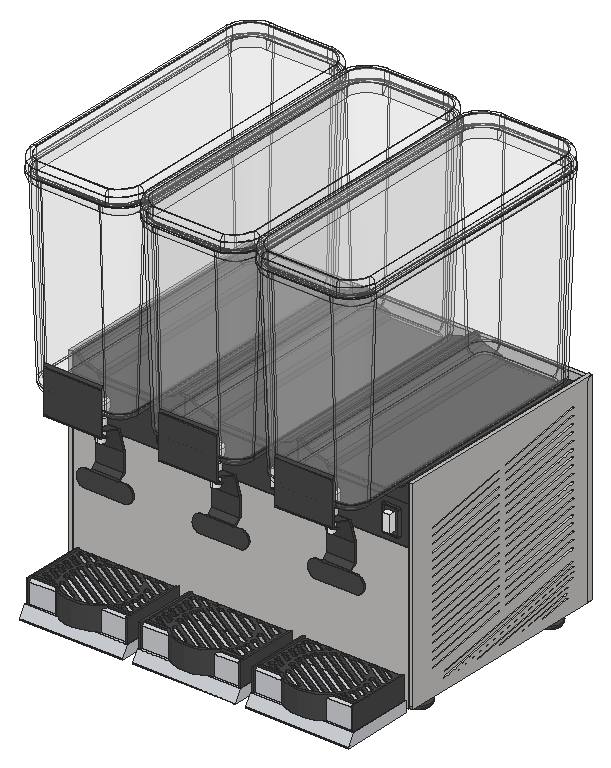
Revit family "QF_Vollrath-VBBE3-37T", category Specialty Equipment, Revit 2018 (continued)
Forms (in)
  Extrusion 6, solid, material "QF_Finishes-Stainless"
    sketch origin (0, 0, 0) x (1, 0, 0) y (0, 0, 1)
      loop
        arc (16.7288, 10.46549) -> (16.69578, 10.48089) -> (16.65974, 10.48617) r 0.12567
        line (16.65974, 10.48617) -> (11.72005, 10.48617)
        arc (11.72005, 10.48617) -> (11.684, 10.48089) -> (11.65098, 10.46549) r 0.12567
        line (11.65098, 10.46549) -> (11.53237, 10.36239) -> (11.53237, 10.31465)
      loop
        line (11.53237, 10.68867) -> (16.84741, 10.68867) -> (16.84741, 10.7364) -> (16.7288, 10.83951)
        arc (16.7288, 10.83951) -> (16.69578, 10.85491) -> (16.65974, 10.86019) r 0.12567
        line (16.65974, 10.86019) -> (11.72005, 10.86019)
        arc (11.72005, 10.86019) -> (11.684, 10.85491) -> (11.65098, 10.83951) r 0.12567
        line (11.65098, 10.83951) -> (11.53237, 10.7364) -> (11.53237, 10.68867)
      loop
        line (11.53237, 11.06268) -> (16.84741, 11.06268) -> (16.84741, 11.11042) -> (16.7288, 11.21352)
        arc (16.7288, 11.21352) -> (16.69578, 11.22892) -> (16.65974, 11.2342) r 0.12567
        line (16.65974, 11.2342) -> (11.72005, 11.2342)
        arc (11.72005, 11.2342) -> (11.684, 11.22892) -> (11.65098, 11.21352) r 0.12567
        line (11.65098, 11.21352) -> (11.53237, 11.11042) -> (11.53237, 11.06268)
      loop
        line (11.53237, 11.4367) -> (16.84741, 11.4367) -> (16.84741, 11.48443) -> (16.7288, 11.58754)
        arc (16.7288, 11.58754) -> (16.69578, 11.60294) -> (16.65974, 11.60822) r 0.12567
        line (16.65974, 11.60822) -> (11.72005, 11.60822)
        arc (11.72005, 11.60822) -> (11.684, 11.60294) -> (11.65098, 11.58754) r 0.12567
        line (11.65098, 11.58754) -> (11.53237, 11.48443) -> (11.53237, 11.4367)
      loop
        line (11.53237, 11.81072) -> (16.84741, 11.81072) -> (16.84741, 11.85845) -> (16.7288, 11.96156)
        arc (16.7288, 11.96156) -> (16.69578, 11.97695) -> (16.65974, 11.98223) r 0.12567
        line (16.65974, 11.98223) -> (11.72005, 11.98223)
        arc (11.72005, 11.98223) -> (11.684, 11.97695) -> (11.65098, 11.96156) r 0.12567
        line (11.65098, 11.96156) -> (11.53237, 11.85845) -> (11.53237, 11.81072)
      loop
        line (11.53237, 12.18473) -> (16.84733, 12.18473) -> (16.84733, 12.23247) -> (16.72872, 12.33557)
        arc (16.72872, 12.33557) -> (16.6957, 12.35097) -> (16.65966, 12.35625) r 0.12567
        line (16.65966, 12.35625) -> (11.72005, 12.35625)
        arc (11.72005, 12.35625) -> (11.684, 12.35097) -> (11.65098, 12.33557) r 0.12567
        line (11.65098, 12.33557) -> (11.53237, 12.23247) -> (11.53237, 12.18473)
    from -10.7576 to -10.47957
  Revolve 7, solid, material "QF_Finishes-Black Plastic"
    sketch origin (-2.65829, 2.28125, 0) x (0, 1, 0) y (0, 0, 1)
      loop
        line (6.4307, 0.71878) -> (5.9307, 0.71878) -> (5.90967, 0.3175)
        arc (5.90967, 0.3175) -> (5.90114, 0.28329) -> (5.88042, 0.25477) r 0.09238
        line (5.88042, 0.25477) -> (5.63639, 0.15617) -> (5.65129, 0.03478)
        arc (5.65129, 0.03478) -> (5.66148, 0.01019) -> (5.68607, 0) r 0.03478
        line (5.68607, 0) -> (6.4307, 0) -> (6.4307, 0.71878)
      axis (6.4307, 0) -> (6.4307, 0.71878)
    angle from 0 to 360
  Revolve 8, solid, material "QF_Finishes-Black Plastic"
    sketch origin (-2.65829, -7.91744, 0) x (0, 1, 0) y (0, 0, 1)
      loop
        line (6.4307, 0.71878) -> (5.9307, 0.71878) -> (5.90967, 0.3175)
        arc (5.90967, 0.3175) -> (5.90114, 0.28329) -> (5.88042, 0.25477) r 0.09238
        line (5.88042, 0.25477) -> (5.63639, 0.15617) -> (5.65129, 0.03478)
        arc (5.65129, 0.03478) -> (5.66148, 0.01019) -> (5.68607, 0) r 0.03478
        line (5.68607, 0) -> (6.4307, 0) -> (6.4307, 0.71878)
      axis (6.4307, 0) -> (6.4307, 0.71878)
    angle from 0 to 360
  Revolve 9, solid, material "QF_Finishes-Black Plastic"
    sketch origin (16.73684, 2.28125, 0) x (0, 1, 0) y (0, 0, 1)
      loop
        line (6.4307, 0.71878) -> (5.9307, 0.71878) -> (5.90967, 0.3175)
        arc (5.90967, 0.3175) -> (5.90114, 0.28329) -> (5.88042, 0.25477) r 0.09238
        line (5.88042, 0.25477) -> (5.63639, 0.15617) -> (5.65129, 0.03478)
        arc (5.65129, 0.03478) -> (5.66148, 0.01019) -> (5.68607, 0) r 0.03478
        line (5.68607, 0) -> (6.4307, 0) -> (6.4307, 0.71878)
      axis (6.4307, 0) -> (6.4307, 0.71878)
    angle from 0 to 360
  Revolve 10, solid, material "QF_Finishes-Black Plastic"
    sketch origin (16.73684, -7.91744, 0) x (0, 1, 0) y (0, 0, 1)
      loop
        line (6.4307, 0.71878) -> (5.9307, 0.71878) -> (5.90967, 0.3175)
        arc (5.90967, 0.3175) -> (5.90114, 0.28329) -> (5.88042, 0.25477) r 0.09238
        line (5.88042, 0.25477) -> (5.63639, 0.15617) -> (5.65129, 0.03478)
        arc (5.65129, 0.03478) -> (5.66148, 0.01019) -> (5.68607, 0) r 0.03478
        line (5.68607, 0) -> (6.4307, 0) -> (6.4307, 0.71878)
      axis (6.4307, 0) -> (6.4307, 0.71878)
    angle from 0 to 360
  Extrusion 11, solid, material "QF_Finishes-Black Plastic"
    sketch origin (0, 0, 0) x (1, 0, 0) y (0, 1, 0)
      loop
        line (3.18945, -3.12402) -> (-3.14914, -3.12402) -> (-3.14914, -7.27756) -> (-3.05071, -7.27756) -> (-3.05071, -6.9626) -> (-1.68325, -6.9626)
        arc (-1.68325, -6.9626) -> (-1.65302, -6.96863) -> (-1.62741, -6.98581) r 0.07879
        arc (-1.62741, -6.98581) -> (0.01907, -7.67007) -> (1.66554, -6.98581) r 2.323
        arc (1.66554, -6.98581) -> (1.69232, -6.96862) -> (1.72357, -6.9626) r 0.08414
        line (1.72357, -6.9626) -> (3.09102, -6.9626) -> (3.09102, -7.27756) -> (3.18945, -7.27756) -> (3.18945, -3.12402)
      loop
        line (-3.05071, -3.19488) -> (-3.05071, -6.8248) -> (-1.68325, -6.8248)
        arc (-1.68325, -6.8248) -> (-1.60014, -6.84139) -> (-1.52977, -6.88862) r 0.21647
        arc (-1.52977, -6.88862) -> (0.02, -7.53304) -> (1.56978, -6.88862) r 2.18576
        arc (1.56978, -6.88862) -> (1.64015, -6.84139) -> (1.72326, -6.8248) r 0.21647
        line (1.72326, -6.8248) -> (3.09102, -6.8248) -> (3.09102, -3.19488) -> (-3.05071, -3.19488)
    from 1.03543 to 2.48031
  Extrusion 12, solid, material "QF_Finishes-Black Plastic"
    sketch origin (-0.43601, -0.69203, -0.67436) x (0, 1, 0) y (0, 0, 1)
      loop
        arc (-6.7126, 12.77975) -> (-6.69637, 12.72827) -> (-6.65354, 12.69541) r 0.08975
        line (-6.65354, 12.69541) -> (-6.24829, 12.54791) -> (-6.22809, 12.6034) -> (-6.65354, 12.75825) -> (-6.65354, 15.43542) -> (-6.55627, 15.57434) -> (-6.585, 15.63626) -> (-6.69836, 15.47437)
        arc (-6.69836, 15.47437) -> (-6.70895, 15.45289) -> (-6.7126, 15.42921) r 0.07874
        line (-6.7126, 15.42921) -> (-6.7126, 12.77975)
    from -1.53543 to 2.09496
  Revolve 13, solid, material "QF_Finishes-White Rubber"
    sketch origin (-0.09375, -0.00627, -0.98853) x (0, 1, 0) y (0, 0, 1)
      loop
        line (-5.26181, 11.33771) -> (-5.26181, 13.7196) -> (-5.58313, 13.7196)
        arc (-5.58313, 13.7196) -> (-5.66215, 13.68687) -> (-5.69488, 13.60785) r 0.11175
        line (-5.69488, 13.60785) -> (-5.6749, 12.85346) -> (-5.57506, 12.85346) -> (-5.57506, 12.36572) -> (-5.49364, 12.33608) -> (-5.49364, 11.33771) -> (-5.26181, 11.33771)
      axis (-5.26181, 11.33771) -> (-5.26181, 13.7196)
    angle from 0 to 360
  Extrusion 14, solid, material "QF_Finishes-Black Plastic"
    sketch origin (-0.14844, 0.05623, -0.98853) x (0, 1, 0) y (0, 0, 1)
      loop
        line (-4.89794, 12.05642) -> (-4.5209, 10.64927) -> (-4.5209, 9.50735) -> (-4.87524, 9.24034)
        arc (-4.87524, 9.24034) -> (-4.89988, 9.20972) -> (-4.90703, 9.17106) r 0.08027
        line (-4.90703, 9.17106) -> (-4.84806, 9.16797) -> (-4.83447, 9.19711) -> (-4.4932, 9.45428)
        arc (-4.4932, 9.45428) -> (-4.47012, 9.48203) -> (-4.46184, 9.51717) r 0.07874
        line (-4.46184, 9.51717) -> (-4.46184, 10.65704) -> (-4.8302, 12.03176)
        arc (-4.8302, 12.03176) -> (-4.86865, 12.09212) -> (-4.92901, 12.13057) r 0.16532
        line (-4.92901, 12.13057) -> (-6.9898, 12.88064) -> (-7.01, 12.82515) -> (-4.89794, 12.05642)
    from -0.87952 to 0.8668
  Extrusion 15, solid, material "QF_Finishes-Black Plastic"
    sketch origin (-0.15625, -0.40114, -1.21779) x (1, 0, 0) y (0, 0.052336, 0.99863)
      loop
        line (-1.23031, 8.07021) -> (1.23031, 8.07021)
        arc (1.23031, 8.07021) -> (1.77091, 8.61081) -> (1.23031, 9.1514) r 0.5406
        line (1.23031, 9.1514) -> (-1.23031, 9.1514)
        arc (-1.23031, 9.1514) -> (-1.77091, 8.61081) -> (-1.23031, 8.07021) r 0.5406
    from 4.87511 to 4.93413
  Sweep 16, solid, material "QF_Finishes-Clear Plastic"
    path origin (-0.15625, 0, 0) x (1, 0, 0) y (0, 1, 0)
      loop
        arc (-2.3069, -6.00035) -> (-2.17234, -6.32521) -> (-1.84748, -6.45977) r 0.45942
        line (-1.84748, -6.45977) -> (1.84782, -6.45977)
        arc (1.84782, -6.45977) -> (2.17447, -6.32446) -> (2.30977, -5.99781) r 0.46195
        line (2.30977, -5.99781) -> (2.30977, 9.13206)
        arc (2.30977, 9.13206) -> (2.17447, 9.45871) -> (1.84782, 9.59402) r 0.46195
        line (1.84782, 9.59402) -> (-1.84748, 9.59402)
        arc (-1.84748, 9.59402) -> (-2.17234, 9.45946) -> (-2.3069, 9.1346) r 0.45942
        line (-2.3069, 9.1346) -> (-2.3069, -6.00035)
    profile origin (-2.46315, 1.56713, 0) x (-1, 0, 0) y (0, 0, 1)
      loop
        line (1.14409, 25.33777) -> (1.00623, 25.33777) -> (0.60808, 13.43579)
        arc (0.60808, 13.43579) -> (0.48758, 13.16469) -> (0.21238, 13.05386) r 0.39514
        line (0.21238, 13.05386) -> (0.22508, 12.90709)
        arc (0.22508, 12.90709) -> (0.59013, 13.08301) -> (0.74651, 13.45684) r 0.57097
        line (0.74651, 13.45684) -> (1.14409, 25.33777)
  Extrusion 17, solid, material "QF_Finishes-Black Plastic"
    sketch origin (0, 0, -0.6875) x (1, 0, 0) y (0, 0, 1)
      loop
        line (-3.46457, 13.95475) -> (-3.46457, 12.85346) -> (3.55, 12.85346) -> (3.55, 13.95475) -> (3.22835, 13.95475)
        arc (3.22835, 13.95475) -> (3.13884, 13.93326) -> (3.06885, 13.87348) r 0.19715
        arc (3.06885, 13.87348) -> (3.03916, 13.82718) -> (3.00315, 13.7856) r 0.3838
        arc (3.00315, 13.7856) -> (2.87095, 13.68416) -> (2.717, 13.62039) r 0.63833
        line (2.717, 13.62039) -> (1.86181, 13.39124)
        arc (1.86181, 13.39124) -> (1.74573, 13.32397) -> (1.67922, 13.20745) r 0.2576
        line (1.67922, 13.20745) -> (1.62646, 12.90825) -> (-1.78271, 12.90825) -> (-1.83547, 13.20745)
        arc (-1.83547, 13.20745) -> (-1.90198, 13.32397) -> (-2.01806, 13.39124) r 0.2576
        line (-2.01806, 13.39124) -> (-2.72746, 13.58133)
        arc (-2.72746, 13.58133) -> (-2.88142, 13.6451) -> (-3.01362, 13.74654) r 0.63833
        arc (-3.01362, 13.74654) -> (-3.07424, 13.82539) -> (-3.11257, 13.91717) r 0.3838
        arc (-3.11257, 13.91717) -> (-3.16749, 13.94512) -> (-3.22835, 13.95475) r 0.19715
        line (-3.22835, 13.95475) -> (-3.46457, 13.95475)
    from -10.7576 to 3.27362
  Extrusion 18, solid, material "Clearance - Code/Mandatory", detail levels coarse
    sketch origin (-7.40625, 0, 0) x (1, 0, 0) y (0, 1, 0)
      loop
        line (31.23875, 10.7576) -> (25.2375, 10.7576) -> (25.2375, -7.75) -> (31.23875, -7.75) -> (31.23875, 10.7576)
    from 0 to 26.20625
  Extrusion 19, solid, material "Clearance - Code/Mandatory", detail levels coarse
    sketch origin (7.40625, 0, 0) x (-1, 0, 0) y (0, -1, 0)
      loop
        line (11.07375, -10.7576) -> (17.08125, -10.7576) -> (17.08125, 7.75) -> (11.07375, 7.75) -> (11.07375, -10.7576)
    from 0 to 26.20625
  Extrusion 20, solid, material "Clearance - Code/Mandatory", detail levels coarse
    sketch origin (3.67282, -3.20625, 0) x (0, 1, 0) y (-1, 0, 0)
      loop
        line (13.96385, -20.15968) -> (20.08125, -20.15968) -> (20.08125, 13.34782) -> (13.96385, 13.34782) -> (13.96385, -20.15968)
    from 0 to 26.20625
  Sweep 21, solid, material "QF_Finishes-Clear Plastic"
    path origin (-0.15625, 0, 0) x (1, 0, 0) y (0, 1, 0)
      loop
        line (1.97575, 9.86597) -> (-1.98, 9.86597)
        arc (-1.98, 9.86597) -> (-2.54709, 9.63108) -> (-2.78198, 9.064) r 0.80197
        line (-2.78198, 9.064) -> (-2.78198, -6.12347)
        arc (-2.78198, -6.12347) -> (-2.53304, -6.72445) -> (-1.93206, -6.97339) r 0.84992
        line (-1.93206, -6.97339) -> (1.91929, -6.97339)
        arc (1.91929, -6.97339) -> (2.53134, -6.71987) -> (2.78485, -6.10782) r 0.86556
        line (2.78485, -6.10782) -> (2.78485, 9.05687)
        arc (2.78485, 9.05687) -> (2.54787, 9.62899) -> (1.97575, 9.86597) r 0.8091
    profile origin (-0.15838, 9.86597, 0) x (0, -1, 0) y (0, 0, 1)
      loop
        line (-0.42938, 24.72581) -> (-0.42938, 25.33777) -> (-0.79275, 25.33777)
        arc (-0.79275, 25.33777) -> (-0.70586, 24.9755) -> (-0.42938, 24.72581) r 0.62946
  Extrusion 22, solid
    sketch origin (0, 0, 0) x (0, 1, 0) y (0, 0, 1)
      loop
        line (-3.27362, 1.03543) -> (-7.3563, 1.03543) -> (-7.75, 0.3937) -> (-7.75, 0.35433) -> (-3.27362, 0.35433) -> (-3.27362, 1.03543)
    from -3.17717 to 3.27868
  Extrusion 23, solid
    sketch origin (0, 0, 0) x (0, 1, 0) y (0, 0, 1)
      loop
        arc (-6.9626, 2.40157) -> (-7.08882, 2.37471) -> (-7.18008, 2.28346) r 0.22732
        line (-7.18008, 2.28346) -> (-7.18008, 1.03543) -> (-6.9626, 1.03543) -> (-6.9626, 2.40157)
    from -3.05071 to -1.36292
  Extrusion 24, solid, material "QF_Finishes-Black Plastic"
    sketch origin (0, 0, 0) x (1, 0, 0) y (0, 1, 0)
      loop
        line (-3.05071, -6.8248) -> (-1.68325, -6.8248)
        arc (-1.68325, -6.8248) -> (-1.60014, -6.84139) -> (-1.52977, -6.88862) r 0.21647
        arc (-1.52977, -6.88862) -> (0.02, -7.53304) -> (1.56978, -6.88862) r 2.18576
        arc (1.56978, -6.88862) -> (1.64015, -6.84139) -> (1.72326, -6.8248) r 0.21647
        line (1.72326, -6.8248) -> (3.09102, -6.8248) -> (3.09102, -3.19488) -> (-3.05071, -3.19488) -> (-3.05071, -6.8248)
      loop
        line (1.99999, -5.31469) -> (-0.85274, -3.56972)
        arc (-0.85274, -3.56972) -> (-0.90143, -3.55568) -> (-0.95047, -3.56848) r 0.09564
        line (-0.95047, -3.56848) -> (-1.05079, -3.62641)
        arc (-1.05079, -3.62641) -> (-1.09797, -3.71056) -> (-1.05079, -3.79471) r 0.09865
        line (-1.05079, -3.79471) -> (1.89113, -5.59424)
        arc (1.89113, -5.59424) -> (1.98696, -5.59808) -> (2.04057, -5.51856) r 0.09843
        line (2.04057, -5.51856) -> (2.04706, -5.40253)
        arc (2.04706, -5.40253) -> (2.03544, -5.35223) -> (1.99999, -5.31469) r 0.09857
      loop
        line (1.92869, -5.80182) -> (-1.25519, -3.85429)
        arc (-1.25519, -3.85429) -> (-1.31546, -3.84407) -> (-1.37003, -3.87162) r 0.09782
        line (-1.37003, -3.87162) -> (-1.44371, -3.9453)
        arc (-1.44371, -3.9453) -> (-1.47148, -4.02385) -> (-1.42783, -4.09482) r 0.09665
        line (-1.42783, -4.09482) -> (1.79158, -6.06408)
        arc (1.79158, -6.06408) -> (1.8762, -6.07294) -> (1.93593, -6.01235) r 0.09812
        line (1.93593, -6.01235) -> (1.96819, -5.91075)
        arc (1.96819, -5.91075) -> (1.96695, -5.84957) -> (1.92869, -5.80182) r 0.09507
      loop
        line (1.74837, -6.22226) -> (-1.54753, -4.20621)
        arc (-1.54753, -4.20621) -> (-1.61887, -4.19636) -> (-1.67693, -4.23897) r 0.09584
        line (-1.67693, -4.23897) -> (-1.73108, -4.32679)
        arc (-1.73108, -4.32679) -> (-1.743, -4.39877) -> (-1.70104, -4.45845) r 0.09631
        line (-1.70104, -4.45845) -> (1.59739, -6.47604)
        arc (1.59739, -6.47604) -> (1.66914, -6.48577) -> (1.72723, -6.44255) r 0.09587
        line (1.72723, -6.44255) -> (1.78078, -6.35401)
        arc (1.78078, -6.35401) -> (1.79129, -6.28157) -> (1.74837, -6.22226) r 0.09741
      loop
        line (1.48132, -6.58966) -> (-1.74811, -4.61427)
        arc (-1.74811, -4.61427) -> (-1.83177, -4.60731) -> (-1.88979, -4.66798) r 0.09744
        line (-1.88979, -4.66798) -> (-1.92257, -4.76761)
        arc (-1.92257, -4.76761) -> (-1.92194, -4.82904) -> (-1.88395, -4.87732) r 0.0953
        line (-1.88395, -4.87732) -> (1.30511, -6.82801)
        arc (1.30511, -6.82801) -> (1.36581, -6.8405) -> (1.42146, -6.81321) r 0.09579
        line (1.42146, -6.81321) -> (1.49519, -6.73948)
        arc (1.49519, -6.73948) -> (1.52341, -6.66132) -> (1.48132, -6.58966) r 0.09779
      loop
        line (1.10757, -6.89177) -> (-1.84914, -5.0832)
        arc (-1.84914, -5.0832) -> (-1.94458, -5.07917) -> (-1.99846, -5.15805) r 0.0984
        line (-1.99846, -5.15805) -> (-2.00593, -5.27264)
        arc (-2.00593, -5.27264) -> (-1.99506, -5.32396) -> (-1.95906, -5.3621) r 0.09696
        line (-1.95906, -5.3621) -> (0.91264, -7.11867)
        arc (0.91264, -7.11867) -> (0.96072, -7.13194) -> (1.0088, -7.11867) r 0.09375
        line (1.0088, -7.11867) -> (1.10757, -7.05966)
        arc (1.10757, -7.05966) -> (1.15463, -6.97572) -> (1.10757, -6.89177) r 0.0984
      loop
        line (0.60863, -7.11732) -> (-1.82264, -5.63015)
        arc (-1.82264, -5.63015) -> (-1.92999, -5.63329) -> (-1.97033, -5.73281) r 0.09825
        line (-1.97033, -5.73281) -> (-1.93774, -5.87396)
        arc (-1.93774, -5.87396) -> (-1.92175, -5.90738) -> (-1.89442, -5.93238) r 0.09714
        line (-1.89442, -5.93238) -> (0.37225, -7.31886)
        arc (0.37225, -7.31886) -> (0.40695, -7.33252) -> (0.44421, -7.33107) r 0.09073
        line (0.44421, -7.33107) -> (0.58467, -7.29582)
        arc (0.58467, -7.29582) -> (0.65482, -7.21438) -> (0.60863, -7.11732) r 0.09843
      loop
        line (-0.15644, -7.18008) -> (-1.53008, -6.33984)
        arc (-1.53008, -6.33984) -> (-1.65245, -6.35562) -> (-1.66332, -6.47852) r 0.09845
        line (-1.66332, -6.47852) -> (-1.474, -6.72028) -> (-0.52036, -7.30361) -> (-0.21942, -7.36177)
        arc (-0.21942, -7.36177) -> (-0.1148, -7.29628) -> (-0.15644, -7.18008) r 0.09842
      loop
        line (1.92796, -4.73989) -> (-0.30697, -3.37282)
        arc (-0.30697, -3.37282) -> (-0.34079, -3.3598) -> (-0.37704, -3.35963) r 0.10043
        line (-0.37704, -3.35963) -> (-0.52004, -3.39377)
        arc (-0.52004, -3.39377) -> (-0.59167, -3.47506) -> (-0.54547, -3.57306) r 0.09865
        line (-0.54547, -3.57306) -> (1.85831, -5.04342)
        arc (1.85831, -5.04342) -> (1.96624, -5.03999) -> (2.00606, -4.93962) r 0.09842
        line (2.00606, -4.93962) -> (1.97137, -4.79716)
        arc (1.97137, -4.79716) -> (1.95507, -4.76442) -> (1.92796, -4.73989) r 0.09857
      loop
        line (1.46531, -3.92615) -> (0.62845, -3.41426)
        arc (0.62845, -3.41426) -> (0.46776, -3.37153) -> (0.30428, -3.34114) r 2.18615
        arc (0.30428, -3.34114) -> (0.19761, -3.4051) -> (0.23921, -3.5223) r 0.09818
        line (0.23921, -3.5223) -> (1.54679, -4.32213)
        arc (1.54679, -4.32213) -> (1.66978, -4.30502) -> (1.67799, -4.18113) r 0.09835
        arc (1.67799, -4.18113) -> (1.57664, -4.04948) -> (1.46531, -3.92615) r 2.12561
      loop
        line (2.83911, -4.23574) -> (1.36588, -3.33459)
        arc (1.36588, -3.33459) -> (1.34175, -3.32427) -> (1.31572, -3.32087) r 0.09593
        arc (1.31572, -3.32087) -> (1.27881, -3.321) -> (1.2419, -3.32087) r 5.03614
        arc (1.2419, -3.32087) -> (1.14687, -3.39171) -> (1.18925, -3.5024) r 0.0982
        arc (1.18925, -3.5024) -> (1.38493, -3.6409) -> (1.56306, -3.80134) r 2.04444
        line (1.56306, -3.80134) -> (2.73642, -4.51906)
        arc (2.73642, -4.51906) -> (2.8353, -4.51983) -> (2.88433, -4.43395) r 0.09782
        arc (2.88433, -4.43395) -> (2.88401, -4.37627) -> (2.88433, -4.31858) r 5.14481
        arc (2.88433, -4.31858) -> (2.87254, -4.27125) -> (2.83911, -4.23574) r 0.0965
      loop
        line (2.83639, -3.70334) -> (2.23231, -3.33383)
        arc (2.23231, -3.33383) -> (2.21027, -3.32439) -> (2.18655, -3.32087) r 0.09339
        line (2.18655, -3.32087) -> (1.99477, -3.32087)
        arc (1.99477, -3.32087) -> (1.89988, -3.39257) -> (1.94341, -3.50325) r 0.09837
        line (1.94341, -3.50325) -> (2.73528, -3.98763)
        arc (2.73528, -3.98763) -> (2.83413, -3.98931) -> (2.88433, -3.90415) r 0.09818
        arc (2.88433, -3.90415) -> (2.88448, -3.84599) -> (2.88433, -3.78784) r 11.3571
        arc (2.88433, -3.78784) -> (2.87139, -3.73933) -> (2.83639, -3.70334) r 0.09933
      loop
        arc (-2.69423, -5.62775) -> (-2.79372, -5.62586) -> (-2.84402, -5.71171) r 0.09843
        line (-2.84402, -5.71171) -> (-2.84402, -5.82709)
        arc (-2.84402, -5.82709) -> (-2.83145, -5.87522) -> (-2.79695, -5.91106) r 0.09843
        line (-2.79695, -5.91106) -> (-2.13741, -6.31449)
        arc (-2.13741, -6.31449) -> (-2.02317, -6.30683) -> (-1.99384, -6.19615) r 0.09819
        line (-1.99384, -6.19615) -> (-2.04986, -6.04886)
        arc (-2.04986, -6.04886) -> (-2.066, -6.01898) -> (-2.09144, -5.99647) r 0.09728
        line (-2.09144, -5.99647) -> (-2.69423, -5.62775)
      loop
        arc (-2.69423, -5.09701) -> (-2.79372, -5.09512) -> (-2.84402, -5.18097) r 0.09843
        line (-2.84402, -5.18097) -> (-2.84402, -5.29635)
        arc (-2.84402, -5.29635) -> (-2.83145, -5.34448) -> (-2.79695, -5.38032) r 0.09843
        line (-2.79695, -5.38032) -> (-2.30078, -5.68381)
        arc (-2.30078, -5.68381) -> (-2.19664, -5.68292) -> (-2.1516, -5.58901) r 0.09843
        line (-2.1516, -5.58901) -> (-2.16128, -5.47226)
        arc (-2.16128, -5.47226) -> (-2.17523, -5.42752) -> (-2.20826, -5.39428) r 0.09865
        line (-2.20826, -5.39428) -> (-2.69423, -5.09701)
      loop
        arc (-2.69423, -4.56627) -> (-2.79372, -4.56438) -> (-2.84402, -4.65023) r 0.09843
        line (-2.84402, -4.65023) -> (-2.84402, -4.76561)
        arc (-2.84402, -4.76561) -> (-2.83145, -4.81374) -> (-2.79695, -4.84958) r 0.09843
        line (-2.79695, -4.84958) -> (-2.29775, -5.15493)
        arc (-2.29775, -5.15493) -> (-2.20358, -5.15958) -> (-2.14873, -5.0829) r 0.09839
        line (-2.14873, -5.0829) -> (-2.13391, -4.98165)
        arc (-2.13391, -4.98165) -> (-2.14196, -4.92467) -> (-2.17954, -4.8811) r 0.10209
        line (-2.17954, -4.8811) -> (-2.69423, -4.56627)
      loop
        arc (-2.69423, -4.03555) -> (-2.79372, -4.03365) -> (-2.84402, -4.11951) r 0.09843
        line (-2.84402, -4.11951) -> (-2.84402, -4.23489)
        arc (-2.84402, -4.23489) -> (-2.83145, -4.28301) -> (-2.79695, -4.31885) r 0.09843
        line (-2.79695, -4.31885) -> (-2.19054, -4.68978)
        arc (-2.19054, -4.68978) -> (-2.10586, -4.69843) -> (-2.0461, -4.63781) r 0.09843
        line (-2.0461, -4.63781) -> (-2.01311, -4.5476)
        arc (-2.01311, -4.5476) -> (-2.01108, -4.48046) -> (-2.05286, -4.42787) r 0.09777
        line (-2.05286, -4.42787) -> (-2.69423, -4.03555)
      loop
        arc (-2.69423, -3.50479) -> (-2.79372, -3.5029) -> (-2.84402, -3.58875) r 0.09843
        line (-2.84402, -3.58875) -> (-2.84402, -3.70413)
        arc (-2.84402, -3.70413) -> (-2.83145, -3.75226) -> (-2.79695, -3.78809) r 0.09843
        line (-2.79695, -3.78809) -> (-2.00078, -4.2751)
        arc (-2.00078, -4.2751) -> (-1.92526, -4.28682) -> (-1.86377, -4.24142) r 0.09931
        line (-1.86377, -4.24142) -> (-1.8143, -4.16136)
        arc (-1.8143, -4.16136) -> (-1.80095, -4.08604) -> (-1.84557, -4.0239) r 0.09843
        line (-1.84557, -4.0239) -> (-2.69423, -3.50479)
      loop
        arc (-2.69423, -6.15849) -> (-2.79372, -6.1566) -> (-2.84402, -6.24246) r 0.09843
        line (-2.84402, -6.24246) -> (-2.84402, -6.35783)
        arc (-2.84402, -6.35783) -> (-2.83145, -6.40596) -> (-2.79695, -6.4418) r 0.09843
        line (-2.79695, -6.4418) -> (-2.18491, -6.81617) -> (-1.91188, -6.81617)
        arc (-1.91188, -6.81617) -> (-1.85587, -6.7319) -> (-1.9031, -6.64241) r 0.09904
        line (-1.9031, -6.64241) -> (-2.69423, -6.15849)
      loop
        line (-2.39494, -3.50325) -> (-1.73202, -3.90876)
        arc (-1.73202, -3.90876) -> (-1.66637, -3.92218) -> (-1.60735, -3.89047) r 0.09841
        line (-1.60735, -3.89047) -> (-1.54093, -3.82001)
        arc (-1.54093, -3.82001) -> (-1.51481, -3.73924) -> (-1.5609, -3.66795) r 0.09896
        line (-1.5609, -3.66795) -> (-2.18752, -3.28465)
        arc (-2.18752, -3.28465) -> (-2.235, -3.26983) -> (-2.28367, -3.28012) r 0.09843
        line (-2.28367, -3.28012) -> (-2.38686, -3.33173)
        arc (-2.38686, -3.33173) -> (-2.44114, -3.41512) -> (-2.39494, -3.50325) r 0.09843
      loop
        arc (-1.47591, -3.32087) -> (-1.57065, -3.39261) -> (-1.52727, -3.50325) r 0.09843
        line (-1.52727, -3.50325) -> (-1.3826, -3.59175)
        arc (-1.3826, -3.59175) -> (-1.32707, -3.60613) -> (-1.27295, -3.58713) r 0.09847
        line (-1.27295, -3.58713) -> (-1.18803, -3.52827)
        arc (-1.18803, -3.52827) -> (-1.14526, -3.44427) -> (-1.19182, -3.36231) r 0.09944
        line (-1.19182, -3.36231) -> (-1.23593, -3.33533)
        arc (-1.23593, -3.33533) -> (-1.26061, -3.32455) -> (-1.28729, -3.32087) r 0.09843
        line (-1.28729, -3.32087) -> (-1.47591, -3.32087)
      loop
        arc (2.16593, -4.35471) -> (2.05008, -4.36433) -> (2.02423, -4.47767) r 0.09841
        line (2.02423, -4.47767) -> (2.08147, -4.62318)
        arc (2.08147, -4.62318) -> (2.09769, -4.65241) -> (2.12281, -4.67447) r 0.09781
        line (2.12281, -4.67447) -> (2.73454, -5.04866)
        arc (2.73454, -5.04866) -> (2.83403, -5.05055) -> (2.88433, -4.9647) r 0.09843
        line (2.88433, -4.9647) -> (2.88433, -4.84932)
        arc (2.88433, -4.84932) -> (2.87176, -4.80119) -> (2.83726, -4.76535) r 0.09843
        line (2.83726, -4.76535) -> (2.16593, -4.35471)
      loop
        arc (2.33855, -4.99104) -> (2.23397, -4.99219) -> (2.18943, -5.08682) r 0.09845
        line (2.18943, -5.08682) -> (2.20051, -5.20384)
        arc (2.20051, -5.20384) -> (2.21442, -5.2483) -> (2.24726, -5.28133) r 0.09819
        line (2.24726, -5.28133) -> (2.73454, -5.5794)
        arc (2.73454, -5.5794) -> (2.83403, -5.58129) -> (2.88433, -5.49544) r 0.09843
        line (2.88433, -5.49544) -> (2.88433, -5.38006)
        arc (2.88433, -5.38006) -> (2.87176, -5.33193) -> (2.83726, -5.29609) r 0.09843
        line (2.83726, -5.29609) -> (2.33855, -4.99104)
      loop
        arc (2.34021, -5.5228) -> (2.24688, -5.51781) -> (2.19158, -5.59315) r 0.09828
        line (2.19158, -5.59315) -> (2.17713, -5.69751)
        arc (2.17713, -5.69751) -> (2.18485, -5.75432) -> (2.22293, -5.79719) r 0.09843
        line (2.22293, -5.79719) -> (2.73454, -6.11014)
        arc (2.73454, -6.11014) -> (2.83403, -6.11203) -> (2.88433, -6.02618) r 0.09843
        line (2.88433, -6.02618) -> (2.88433, -5.9108)
        arc (2.88433, -5.9108) -> (2.87176, -5.86267) -> (2.83726, -5.82683) r 0.09843
        line (2.83726, -5.82683) -> (2.34021, -5.5228)
      loop
        arc (2.2366, -5.99016) -> (2.15157, -5.98163) -> (2.09192, -6.04283) r 0.09842
        line (2.09192, -6.04283) -> (2.05934, -6.13333)
        arc (2.05934, -6.13333) -> (2.05873, -6.20007) -> (2.09985, -6.25265) r 0.1011
        line (2.09985, -6.25265) -> (2.73454, -6.64088)
        arc (2.73454, -6.64088) -> (2.83403, -6.64277) -> (2.88433, -6.55692) r 0.09843
        line (2.88433, -6.55692) -> (2.88433, -6.44154)
        arc (2.88433, -6.44154) -> (2.87176, -6.39341) -> (2.83726, -6.35758) r 0.09843
        line (2.83726, -6.35758) -> (2.2366, -5.99016)
      loop
        arc (2.04906, -6.40618) -> (1.97544, -6.39427) -> (1.91458, -6.43738) r 0.09845
        line (1.91458, -6.43738) -> (1.86362, -6.52146)
        arc (1.86362, -6.52146) -> (1.85022, -6.5966) -> (1.89492, -6.65847) r 0.09775
        line (1.89492, -6.65847) -> (2.15566, -6.81617) -> (2.42228, -6.81617)
        arc (2.42228, -6.81617) -> (2.48182, -6.73326) -> (2.43526, -6.64241) r 0.09794
        line (2.43526, -6.64241) -> (2.04906, -6.40618)
    from 2.28346 to 2.40157
  Sweep 25, solid, material "QF_Finishes-Black Plastic"
    path origin (0, 0, 0) x (-1, 0, 0) y (0, 0, 1)
      loop
        arc (-2.90354, 10.17079) -> (-2.88625, 10.12903) -> (-2.84449, 10.11173) r 0.05906
        line (-2.84449, 10.11173) -> (-1.99803, 10.11173)
        arc (-1.99803, 10.11173) -> (-1.95627, 10.12903) -> (-1.93898, 10.17079) r 0.05906
        line (-1.93898, 10.17079) -> (-1.93898, 11.63929)
        arc (-1.93898, 11.63929) -> (-1.95627, 11.68105) -> (-1.99803, 11.69835) r 0.05906
        line (-1.99803, 11.69835) -> (-2.84449, 11.69835)
        arc (-2.84449, 11.69835) -> (-2.88625, 11.68105) -> (-2.90354, 11.63929) r 0.05906
        line (-2.90354, 11.63929) -> (-2.90354, 10.17079)
    profile origin (2.90354, 0, 10.90504) x (-1, 0, 0) y (0, -1, 0)
      loop
        line (-0.09489, 3.27803) -> (0.00738, 3.27803) -> (0.00738, 3.37633)
        arc (0.00738, 3.37633) -> (-0.01127, 3.3726) -> (-0.01972, 3.35557) r 0.02157
        arc (-0.01972, 3.35557) -> (-0.04169, 3.30166) -> (-0.09489, 3.27803) r 0.0779
  Extrusion 26, solid, material "QF_Finishes-White Rubber"
    sketch origin (0, 0, 0) x (-1, 0, 0) y (0, 0, -1)
      loop
        line (-2.66535, -10.3637) -> (-2.66535, -11.44638) -> (-2.17717, -11.44638) -> (-2.17717, -10.3637) -> (-2.66535, -10.3637)
    from 3.27362 to 3.65598
  Extrusion 27, solid
    sketch origin (0, 0, 0) x (0, 1, 0) y (0, 0, -1)
      loop
        line (-6.9626, -2.40157) -> (-6.9626, -1.03543) -> (-7.18008, -1.03543) -> (-7.18008, -2.28346)
        arc (-7.18008, -2.28346) -> (-7.08882, -2.37471) -> (-6.9626, -2.40157) r 0.22732
    from -3.09102 to -1.40314
  Extrusion 28, solid, material "QF_Finishes-Clear Plastic"
    sketch origin (-0.15625, 0, 0) x (1, 0, 0) y (0, 1, 0)
      loop
        line (-2.51928, 9.1346) -> (-2.51928, -6.00035)
        arc (-2.51928, -6.00035) -> (-2.32251, -6.47538) -> (-1.84748, -6.67215) r 0.6718
        line (-1.84748, -6.67215) -> (1.84782, -6.67215)
        arc (1.84782, -6.67215) -> (2.32464, -6.47464) -> (2.52215, -5.99781) r 0.67433
        line (2.52215, -5.99781) -> (2.52215, 9.13206)
        arc (2.52215, 9.13206) -> (2.32464, 9.60889) -> (1.84782, 9.8064) r 0.67433
        line (1.84782, 9.8064) -> (-1.84748, 9.8064)
        arc (-1.84748, 9.8064) -> (-2.32251, 9.60963) -> (-2.51928, 9.1346) r 0.6718
    from 12.90709 to 13.05386
  Sweep 29, solid, material "QF_Finishes-Clear Plastic"
    path origin (7.09101, 3.74664, 2.49852) x (1, 0, 0) y (0, 1, 0)
      loop
        line (-2.2551, -11.10622) -> (2.2551, -11.10622)
        arc (2.2551, -11.10622) -> (2.85564, -10.64462) -> (3.17382, -9.95724) r 1.58698
        line (3.17382, -9.95724) -> (3.17382, 5.36453)
        arc (3.17382, 5.36453) -> (2.71278, 6.17327) -> (1.84782, 6.51746) r 1.40778
        line (1.84782, 6.51746) -> (-1.84782, 6.51746)
        arc (-1.84782, 6.51746) -> (-2.71161, 6.17429) -> (-3.17326, 5.36758) r 1.40778
        line (-3.17326, 5.36758) -> (-3.17326, -9.96011)
        arc (-3.17326, -9.96011) -> (-2.85472, -10.64576) -> (-2.2551, -11.10622) r 1.58698
    profile origin (7.09101, -7.35958, 2.49852) x (0, 1, 0) y (0, 0, 1)
      loop
        line (-0.39475, 22.88102) -> (-0.01824, 22.88102) -> (-0.01824, 23.6765)
        arc (-0.01824, 23.6765) -> (-0.26993, 23.6729) -> (-0.39475, 23.45431) r 0.25381
        line (-0.39475, 23.45431) -> (-0.39475, 22.88102)
  Extrusion 30, solid, material "QF_Finishes-Clear Plastic"
    sketch origin (7.0917, 3.7403, 1.72576) x (1, 0, 0) y (0, 1, 0)
      loop
        line (-2.15049, -11.11812) -> (2.25892, -11.11812)
        arc (2.25892, -11.11812) -> (2.86473, -10.65608) -> (3.18926, -9.96676) r 1.60522
        line (3.18926, -9.96676) -> (3.18926, 5.42563)
        arc (3.18926, 5.42563) -> (2.86227, 6.21505) -> (2.07284, 6.54204) r 1.11642
        line (2.07284, 6.54204) -> (-2.09748, 6.54204)
        arc (-2.09748, 6.54204) -> (-2.80722, 6.28665) -> (-3.1915, 5.63759) r 1.11388
        line (-3.1915, 5.63759) -> (-3.1915, -9.95554)
        arc (-3.1915, -9.95554) -> (-2.83451, -10.68325) -> (-2.15049, -11.11812) r 1.49663
    from 24.42674 to 24.46291
  Extrusion 31, solid, material "QF_Finishes-Black Plastic"
    sketch origin (7.10363, 0, 0) x (1, 0, 0) y (0, 0, 1)
      loop
        line (-3.55, 9.73814) -> (3.55, 9.73814) -> (3.55, 13.26725) -> (3.47014, 13.26725)
        arc (3.47014, 13.26725) -> (3.38063, 13.24576) -> (3.31064, 13.18598) r 0.19715
        arc (3.31064, 13.18598) -> (3.28095, 13.13968) -> (3.24494, 13.0981) r 0.3838
        arc (3.24494, 13.0981) -> (3.11274, 12.99666) -> (2.95879, 12.93289) r 0.63833
        line (2.95879, 12.93289) -> (2.1036, 12.70374)
        arc (2.1036, 12.70374) -> (1.98752, 12.63647) -> (1.92101, 12.51995) r 0.2576
        line (1.92101, 12.51995) -> (-1.68151, 12.51995)
        arc (-1.68151, 12.51995) -> (-1.74842, 12.63377) -> (-1.86295, 12.69949) r 0.2576
        line (-1.86295, 12.69949) -> (-2.73401, 12.93289)
        arc (-2.73401, 12.93289) -> (-2.88796, 12.99666) -> (-3.02016, 13.0981) r 0.63833
        arc (-3.02016, 13.0981) -> (-3.05617, 13.13968) -> (-3.08586, 13.18598) r 0.3838
        arc (-3.08586, 13.18598) -> (-3.15585, 13.24576) -> (-3.24536, 13.26725) r 0.19715
        line (-3.24536, 13.26725) -> (-3.55, 13.26725) -> (-3.55, 9.73814)
    from 3.12402 to 3.27362
  Extrusion 32, solid, material "QF_Finishes-Black Plastic"
    sketch origin (6.81125, -0.69203, -0.67436) x (0, 1, 0) y (0, 0, 1)
      loop
        arc (-6.7126, 12.77975) -> (-6.69637, 12.72827) -> (-6.65354, 12.69541) r 0.08975
        line (-6.65354, 12.69541) -> (-6.24829, 12.54791) -> (-6.22809, 12.6034) -> (-6.65354, 12.75825) -> (-6.65354, 15.43542) -> (-6.55627, 15.57434) -> (-6.585, 15.63626) -> (-6.69836, 15.47437)
        arc (-6.69836, 15.47437) -> (-6.70895, 15.45289) -> (-6.7126, 15.42921) r 0.07874
        line (-6.7126, 15.42921) -> (-6.7126, 12.77975)
    from -1.53543 to 2.09496
  Revolve 33, solid, material "QF_Finishes-White Rubber"
    sketch origin (7.10664, -0.00627, -0.98853) x (0, 1, 0) y (0, 0, 1)
      loop
        line (-5.26181, 11.35591) -> (-5.26181, 13.7196) -> (-5.58313, 13.7196)
        arc (-5.58313, 13.7196) -> (-5.66215, 13.68687) -> (-5.69488, 13.60785) r 0.11175
        line (-5.69488, 13.60785) -> (-5.6749, 12.85346) -> (-5.57506, 12.85346) -> (-5.57506, 12.36572) -> (-5.49364, 12.33608) -> (-5.49364, 11.35591) -> (-5.26181, 11.35591)
      axis (-5.26181, 11.35591) -> (-5.26181, 13.7196)
    angle from 0 to 360
  Extrusion 34, solid, material "QF_Finishes-Black Plastic"
    sketch origin (7.09883, 0.05623, -0.98853) x (0, 1, 0) y (0, 0, 1)
      loop
        line (-4.89794, 12.05642) -> (-4.5209, 10.64927) -> (-4.5209, 9.50735) -> (-4.87524, 9.24034)
        arc (-4.87524, 9.24034) -> (-4.89988, 9.20972) -> (-4.90703, 9.17106) r 0.08027
        line (-4.90703, 9.17106) -> (-4.84806, 9.16797) -> (-4.83447, 9.19711) -> (-4.4932, 9.45428)
        arc (-4.4932, 9.45428) -> (-4.47012, 9.48203) -> (-4.46184, 9.51717) r 0.07874
        line (-4.46184, 9.51717) -> (-4.46184, 10.65704) -> (-4.8302, 12.03176)
        arc (-4.8302, 12.03176) -> (-4.86865, 12.09212) -> (-4.92901, 12.13057) r 0.16532
        line (-4.92901, 12.13057) -> (-6.9898, 12.88064) -> (-7.01, 12.82515) -> (-4.89794, 12.05642)
    from -0.87952 to 0.8668
  Extrusion 35, solid, material "QF_Finishes-Black Plastic"
    sketch origin (7.09101, -0.40114, -1.21779) x (1, 0, 0) y (0, 0.052336, 0.99863)
      loop
        line (-1.23031, 8.07021) -> (1.23031, 8.07021)
        arc (1.23031, 8.07021) -> (1.77091, 8.61081) -> (1.23031, 9.1514) r 0.5406
        line (1.23031, 9.1514) -> (-1.23031, 9.1514)
        arc (-1.23031, 9.1514) -> (-1.77091, 8.61081) -> (-1.23031, 8.07021) r 0.5406
    from 4.87511 to 4.93413
  Sweep 36, solid, material "QF_Finishes-Clear Plastic"
    path origin (7.09101, 0, 0) x (1, 0, 0) y (0, 1, 0)
      loop
        arc (-2.3069, -6.00035) -> (-2.17234, -6.32521) -> (-1.84748, -6.45977) r 0.45942
        line (-1.84748, -6.45977) -> (1.84782, -6.45977)
        arc (1.84782, -6.45977) -> (2.17447, -6.32446) -> (2.30977, -5.99781) r 0.46195
        line (2.30977, -5.99781) -> (2.30977, 9.13206)
        arc (2.30977, 9.13206) -> (2.17447, 9.45871) -> (1.84782, 9.59402) r 0.46195
        line (1.84782, 9.59402) -> (-1.84748, 9.59402)
        arc (-1.84748, 9.59402) -> (-2.17234, 9.45946) -> (-2.3069, 9.1346) r 0.45942
        line (-2.3069, 9.1346) -> (-2.3069, -6.00035)
    profile origin (4.78412, 1.56713, 0) x (-1, 0, 0) y (0, 0, 1)
      loop
        line (1.14409, 25.33777) -> (1.00623, 25.33777) -> (0.60808, 13.43579)
        arc (0.60808, 13.43579) -> (0.48758, 13.16469) -> (0.21238, 13.05386) r 0.39514
        line (0.21238, 13.05386) -> (0.22508, 12.90709)
        arc (0.22508, 12.90709) -> (0.59013, 13.08301) -> (0.74651, 13.45684) r 0.57097
        line (0.74651, 13.45684) -> (1.14409, 25.33777)
  Extrusion 37, solid, material "QF_Finishes-Black Plastic"
    sketch origin (7.08661, 0, -0.6875) x (1, 0, 0) y (0, 0, 1)
      loop
        line (-3.53661, 13.95475) -> (-3.53661, 12.85346) -> (3.56701, 12.85346) -> (3.56701, 13.95475) -> (3.48715, 13.95475)
        arc (3.48715, 13.95475) -> (3.39764, 13.93326) -> (3.32765, 13.87348) r 0.19715
        arc (3.32765, 13.87348) -> (3.29796, 13.82718) -> (3.26195, 13.7856) r 0.3838
        arc (3.26195, 13.7856) -> (3.12975, 13.68416) -> (2.9758, 13.62039) r 0.63833
        line (2.9758, 13.62039) -> (2.12061, 13.39124)
        arc (2.12061, 13.39124) -> (2.00453, 13.32397) -> (1.93802, 13.20745) r 0.2576
        line (1.93802, 13.20745) -> (1.88526, 12.90825) -> (-1.62646, 12.90825) -> (-1.67922, 13.20745)
        arc (-1.67922, 13.20745) -> (-1.74573, 13.32397) -> (-1.86181, 13.39124) r 0.2576
        line (-1.86181, 13.39124) -> (-2.717, 13.62039)
        arc (-2.717, 13.62039) -> (-2.87095, 13.68416) -> (-3.00315, 13.7856) r 0.63833
        arc (-3.00315, 13.7856) -> (-3.03916, 13.82718) -> (-3.06885, 13.87348) r 0.3838
        arc (-3.06885, 13.87348) -> (-3.13884, 13.93326) -> (-3.22835, 13.95475) r 0.19715
        line (-3.22835, 13.95475) -> (-3.53661, 13.95475)
    from -10.7576 to 3.27362
  Sweep 38, solid, material "QF_Finishes-Clear Plastic"
    path origin (7.09101, 0, 0) x (1, 0, 0) y (0, 1, 0)
      loop
        line (1.97575, 9.86597) -> (-1.98, 9.86597)
        arc (-1.98, 9.86597) -> (-2.54709, 9.63108) -> (-2.78198, 9.064) r 0.80197
        line (-2.78198, 9.064) -> (-2.78198, -6.12347)
        arc (-2.78198, -6.12347) -> (-2.53304, -6.72445) -> (-1.93206, -6.97339) r 0.84992
        line (-1.93206, -6.97339) -> (1.91929, -6.97339)
        arc (1.91929, -6.97339) -> (2.53134, -6.71987) -> (2.78485, -6.10782) r 0.86556
        line (2.78485, -6.10782) -> (2.78485, 9.05687)
        arc (2.78485, 9.05687) -> (2.54787, 9.62899) -> (1.97575, 9.86597) r 0.8091
    profile origin (7.08889, 9.86597, 0) x (0, -1, 0) y (0, 0, 1)
      loop
        line (-0.42938, 24.72581) -> (-0.42938, 25.33777) -> (-0.79275, 25.33777)
        arc (-0.79275, 25.33777) -> (-0.70652, 24.97511) -> (-0.42938, 24.72581) r 0.62589
  Sweep 39, solid, material "QF_Finishes-Black Plastic"
    path origin (7.10363, 0, 0) x (1, 0, 0) y (0, 0, 1)
      loop
        arc (-2.90354, 10.17079) -> (-2.88625, 10.12903) -> (-2.84449, 10.11173) r 0.05906
        line (-2.84449, 10.11173) -> (-1.99803, 10.11173)
        arc (-1.99803, 10.11173) -> (-1.95627, 10.12903) -> (-1.93898, 10.17079) r 0.05906
        line (-1.93898, 10.17079) -> (-1.93898, 11.63929)
        arc (-1.93898, 11.63929) -> (-1.95627, 11.68105) -> (-1.99803, 11.69835) r 0.05906
        line (-1.99803, 11.69835) -> (-2.84449, 11.69835)
        arc (-2.84449, 11.69835) -> (-2.88625, 11.68105) -> (-2.90354, 11.63929) r 0.05906
        line (-2.90354, 11.63929) -> (-2.90354, 10.17079)
    profile origin (4.20008, 0, 10.90504) x (-1, 0, 0) y (0, -1, 0)
      loop
        arc (0.09489, 3.27803) -> (0.04169, 3.30166) -> (0.01972, 3.35557) r 0.0779
        arc (0.01972, 3.35557) -> (0.01127, 3.3726) -> (-0.00738, 3.37633) r 0.02157
        line (-0.00738, 3.37633) -> (-0.00738, 3.27803) -> (0.09489, 3.27803)
  Sweep 40, solid, material "QF_Finishes-Black Plastic"
    path origin (7.10363, 0, 0) x (-1, 0, 0) y (0, 0, 1)
      loop
        arc (-2.90354, 10.17079) -> (-2.88625, 10.12903) -> (-2.84449, 10.11173) r 0.05906
        line (-2.84449, 10.11173) -> (-1.99803, 10.11173)
        arc (-1.99803, 10.11173) -> (-1.95627, 10.12903) -> (-1.93898, 10.17079) r 0.05906
        line (-1.93898, 10.17079) -> (-1.93898, 11.63929)
        arc (-1.93898, 11.63929) -> (-1.95627, 11.68105) -> (-1.99803, 11.69835) r 0.05906
        line (-1.99803, 11.69835) -> (-2.84449, 11.69835)
        arc (-2.84449, 11.69835) -> (-2.88625, 11.68105) -> (-2.90354, 11.63929) r 0.05906
        line (-2.90354, 11.63929) -> (-2.90354, 10.17079)
    profile origin (10.00717, 0, 10.90504) x (-1, 0, 0) y (0, -1, 0)
      loop
        line (-0.09489, 3.27803) -> (0.00738, 3.27803) -> (0.00738, 3.37633)
        arc (0.00738, 3.37633) -> (-0.01127, 3.3726) -> (-0.01972, 3.35557) r 0.02157
        arc (-0.01972, 3.35557) -> (-0.04169, 3.30166) -> (-0.09489, 3.27803) r 0.0779
  Extrusion 41, solid, material "QF_Finishes-White Rubber"
    sketch origin (7.10363, 0, 0) x (1, 0, 0) y (0, 0, 1)
      loop
        line (-2.66535, 10.3637) -> (-2.17717, 10.3637) -> (-2.17717, 11.44638) -> (-2.66535, 11.44638) -> (-2.66535, 10.3637)
    from 3.27362 to 3.65598
  Extrusion 42, solid, material "QF_Finishes-White Rubber"
    sketch origin (7.10363, 0, 0) x (-1, 0, 0) y (0, 0, -1)
      loop
        line (-2.66535, -10.3637) -> (-2.66535, -11.44638) -> (-2.17717, -11.44638) -> (-2.17717, -10.3637) -> (-2.66535, -10.3637)
    from 3.27362 to 3.65598
  Extrusion 43, solid, material "QF_Finishes-Clear Plastic"
    sketch origin (7.08779, 0, 0) x (1, 0, 0) y (0, 1, 0)
      loop
        line (-2.51928, 9.1346) -> (-2.51928, -6.00035)
        arc (-2.51928, -6.00035) -> (-2.32251, -6.47538) -> (-1.84748, -6.67215) r 0.6718
        line (-1.84748, -6.67215) -> (1.84782, -6.67215)
        arc (1.84782, -6.67215) -> (2.32464, -6.47464) -> (2.52215, -5.99781) r 0.67433
        line (2.52215, -5.99781) -> (2.52215, 9.13206)
        arc (2.52215, 9.13206) -> (2.32464, 9.60889) -> (1.84782, 9.8064) r 0.67433
        line (1.84782, 9.8064) -> (-1.84748, 9.8064)
        arc (-1.84748, 9.8064) -> (-2.32251, 9.60963) -> (-2.51928, 9.1346) r 0.6718
    from 12.90709 to 13.05386
  Extrusion 44, solid, material "QF_Finishes-Black Plastic"
    sketch origin (7.06271, 0, 0) x (1, 0, 0) y (0, 1, 0)
      loop
        line (3.18945, -3.12402) -> (-3.14914, -3.12402) -> (-3.14914, -7.27756) -> (-3.05071, -7.27756) -> (-3.05071, -6.9626) -> (-1.68325, -6.9626)
        arc (-1.68325, -6.9626) -> (-1.65302, -6.96863) -> (-1.62741, -6.98581) r 0.07879
        arc (-1.62741, -6.98581) -> (0.01907, -7.67007) -> (1.66554, -6.98581) r 2.323
        arc (1.66554, -6.98581) -> (1.69232, -6.96862) -> (1.72357, -6.9626) r 0.08414
        line (1.72357, -6.9626) -> (3.09102, -6.9626) -> (3.09102, -7.27756) -> (3.18945, -7.27756) -> (3.18945, -3.12402)
      loop
        line (-3.05071, -3.19488) -> (-3.05071, -6.8248) -> (-1.68325, -6.8248)
        arc (-1.68325, -6.8248) -> (-1.60014, -6.84139) -> (-1.52977, -6.88862) r 0.21647
        arc (-1.52977, -6.88862) -> (0.02, -7.53304) -> (1.56978, -6.88862) r 2.18576
        arc (1.56978, -6.88862) -> (1.64015, -6.84139) -> (1.72326, -6.8248) r 0.21647
        line (1.72326, -6.8248) -> (3.09102, -6.8248) -> (3.09102, -3.19488) -> (-3.05071, -3.19488)
    from 1.03543 to 2.48031
  Extrusion 45, solid
    sketch origin (7.06271, 0, 0) x (0, 1, 0) y (0, 0, 1)
      loop
        line (-3.27362, 1.03543) -> (-7.3563, 1.03543) -> (-7.75, 0.3937) -> (-7.75, 0.35433) -> (-3.27362, 0.35433) -> (-3.27362, 1.03543)
    from -3.17717 to 3.27868
  Extrusion 46, solid
    sketch origin (7.06271, 0, 0) x (0, 1, 0) y (0, 0, -1)
      loop
        line (-6.9626, -2.40157) -> (-6.9626, -1.03543) -> (-7.18008, -1.03543) -> (-7.18008, -2.28346)
        arc (-7.18008, -2.28346) -> (-7.08882, -2.37471) -> (-6.9626, -2.40157) r 0.22732
    from -3.09102 to -1.40314
  Extrusion 47, solid, material "QF_Finishes-Black Plastic"
    sketch origin (7.0638, 0, 0) x (1, 0, 0) y (0, 1, 0)
      loop
        line (-3.05071, -6.8248) -> (-1.68325, -6.8248)
        arc (-1.68325, -6.8248) -> (-1.60014, -6.84139) -> (-1.52977, -6.88862) r 0.21647
        arc (-1.52977, -6.88862) -> (0.02, -7.53304) -> (1.56978, -6.88862) r 2.18576
        arc (1.56978, -6.88862) -> (1.64015, -6.84139) -> (1.72326, -6.8248) r 0.21647
        line (1.72326, -6.8248) -> (3.09102, -6.8248) -> (3.09102, -3.19488) -> (-3.05071, -3.19488) -> (-3.05071, -6.8248)
      loop
        line (1.99999, -5.31469) -> (-0.85274, -3.56972)
        arc (-0.85274, -3.56972) -> (-0.90143, -3.55568) -> (-0.95047, -3.56848) r 0.09564
        line (-0.95047, -3.56848) -> (-1.05079, -3.62641)
        arc (-1.05079, -3.62641) -> (-1.09797, -3.71056) -> (-1.05079, -3.79471) r 0.09865
        line (-1.05079, -3.79471) -> (1.89113, -5.59424)
        arc (1.89113, -5.59424) -> (1.98696, -5.59808) -> (2.04057, -5.51856) r 0.09843
        line (2.04057, -5.51856) -> (2.04706, -5.40253)
        arc (2.04706, -5.40253) -> (2.03544, -5.35223) -> (1.99999, -5.31469) r 0.09857
      loop
        line (1.92869, -5.80182) -> (-1.25519, -3.85429)
        arc (-1.25519, -3.85429) -> (-1.31546, -3.84407) -> (-1.37003, -3.87162) r 0.09782
        line (-1.37003, -3.87162) -> (-1.44371, -3.9453)
        arc (-1.44371, -3.9453) -> (-1.47148, -4.02385) -> (-1.42783, -4.09482) r 0.09665
        line (-1.42783, -4.09482) -> (1.79158, -6.06408)
        arc (1.79158, -6.06408) -> (1.8762, -6.07294) -> (1.93593, -6.01235) r 0.09812
        line (1.93593, -6.01235) -> (1.96819, -5.91075)
        arc (1.96819, -5.91075) -> (1.96695, -5.84957) -> (1.92869, -5.80182) r 0.09507
      loop
        line (1.74837, -6.22226) -> (-1.54753, -4.20621)
        arc (-1.54753, -4.20621) -> (-1.61887, -4.19636) -> (-1.67693, -4.23897) r 0.09584
        line (-1.67693, -4.23897) -> (-1.73108, -4.32679)
        arc (-1.73108, -4.32679) -> (-1.743, -4.39877) -> (-1.70104, -4.45845) r 0.09631
        line (-1.70104, -4.45845) -> (1.59739, -6.47604)
        arc (1.59739, -6.47604) -> (1.66914, -6.48577) -> (1.72723, -6.44255) r 0.09587
        line (1.72723, -6.44255) -> (1.78078, -6.35401)
        arc (1.78078, -6.35401) -> (1.79129, -6.28157) -> (1.74837, -6.22226) r 0.09741
      loop
        line (1.48132, -6.58966) -> (-1.74811, -4.61427)
        arc (-1.74811, -4.61427) -> (-1.83177, -4.60731) -> (-1.88979, -4.66798) r 0.09744
        line (-1.88979, -4.66798) -> (-1.92257, -4.76761)
        arc (-1.92257, -4.76761) -> (-1.92194, -4.82904) -> (-1.88395, -4.87732) r 0.0953
        line (-1.88395, -4.87732) -> (1.30511, -6.82801)
        arc (1.30511, -6.82801) -> (1.36581, -6.8405) -> (1.42146, -6.81321) r 0.09579
        line (1.42146, -6.81321) -> (1.49519, -6.73948)
        arc (1.49519, -6.73948) -> (1.52341, -6.66132) -> (1.48132, -6.58966) r 0.09779
      loop
        line (1.10757, -6.89177) -> (-1.84914, -5.0832)
        arc (-1.84914, -5.0832) -> (-1.94458, -5.07917) -> (-1.99846, -5.15805) r 0.0984
        line (-1.99846, -5.15805) -> (-2.00593, -5.27264)
        arc (-2.00593, -5.27264) -> (-1.99506, -5.32396) -> (-1.95906, -5.3621) r 0.09696
        line (-1.95906, -5.3621) -> (0.91264, -7.11867)
        arc (0.91264, -7.11867) -> (0.96072, -7.13194) -> (1.0088, -7.11867) r 0.09375
        line (1.0088, -7.11867) -> (1.10757, -7.05966)
        arc (1.10757, -7.05966) -> (1.15463, -6.97572) -> (1.10757, -6.89177) r 0.0984
      loop
        line (0.60863, -7.11732) -> (-1.82264, -5.63015)
        arc (-1.82264, -5.63015) -> (-1.92999, -5.63329) -> (-1.97033, -5.73281) r 0.09825
        line (-1.97033, -5.73281) -> (-1.93774, -5.87396)
        arc (-1.93774, -5.87396) -> (-1.92175, -5.90738) -> (-1.89442, -5.93238) r 0.09714
        line (-1.89442, -5.93238) -> (0.37225, -7.31886)
        arc (0.37225, -7.31886) -> (0.40695, -7.33252) -> (0.44421, -7.33107) r 0.09073
        line (0.44421, -7.33107) -> (0.58467, -7.29582)
        arc (0.58467, -7.29582) -> (0.65482, -7.21438) -> (0.60863, -7.11732) r 0.09843
      loop
        line (-0.15644, -7.18008) -> (-1.53008, -6.33984)
        arc (-1.53008, -6.33984) -> (-1.65245, -6.35562) -> (-1.66332, -6.47852) r 0.09845
        line (-1.66332, -6.47852) -> (-1.474, -6.72028) -> (-0.52036, -7.30361) -> (-0.21942, -7.36177)
        arc (-0.21942, -7.36177) -> (-0.1148, -7.29628) -> (-0.15644, -7.18008) r 0.09842
      loop
        line (1.92796, -4.73989) -> (-0.30697, -3.37282)
        arc (-0.30697, -3.37282) -> (-0.34079, -3.3598) -> (-0.37704, -3.35963) r 0.10043
        line (-0.37704, -3.35963) -> (-0.52004, -3.39377)
        arc (-0.52004, -3.39377) -> (-0.59167, -3.47506) -> (-0.54547, -3.57306) r 0.09865
        line (-0.54547, -3.57306) -> (1.85831, -5.04342)
        arc (1.85831, -5.04342) -> (1.96624, -5.03999) -> (2.00606, -4.93962) r 0.09842
        line (2.00606, -4.93962) -> (1.97137, -4.79716)
        arc (1.97137, -4.79716) -> (1.95507, -4.76442) -> (1.92796, -4.73989) r 0.09857
      loop
        line (1.46531, -3.92615) -> (0.62845, -3.41426)
        arc (0.62845, -3.41426) -> (0.46776, -3.37153) -> (0.30428, -3.34114) r 2.18615
        arc (0.30428, -3.34114) -> (0.19761, -3.4051) -> (0.23921, -3.5223) r 0.09818
        line (0.23921, -3.5223) -> (1.54679, -4.32213)
        arc (1.54679, -4.32213) -> (1.66978, -4.30502) -> (1.67799, -4.18113) r 0.09835
        arc (1.67799, -4.18113) -> (1.57664, -4.04948) -> (1.46531, -3.92615) r 2.12561
      loop
        line (2.83911, -4.23574) -> (1.36588, -3.33459)
        arc (1.36588, -3.33459) -> (1.34175, -3.32427) -> (1.31572, -3.32087) r 0.09593
        arc (1.31572, -3.32087) -> (1.27881, -3.321) -> (1.2419, -3.32087) r 5.03614
        arc (1.2419, -3.32087) -> (1.14687, -3.39171) -> (1.18925, -3.5024) r 0.0982
        arc (1.18925, -3.5024) -> (1.38493, -3.6409) -> (1.56306, -3.80134) r 2.04444
        line (1.56306, -3.80134) -> (2.73642, -4.51906)
        arc (2.73642, -4.51906) -> (2.8353, -4.51983) -> (2.88433, -4.43395) r 0.09782
        arc (2.88433, -4.43395) -> (2.88401, -4.37627) -> (2.88433, -4.31858) r 5.14481
        arc (2.88433, -4.31858) -> (2.87254, -4.27125) -> (2.83911, -4.23574) r 0.0965
      loop
        line (2.83639, -3.70334) -> (2.23231, -3.33383)
        arc (2.23231, -3.33383) -> (2.21027, -3.32439) -> (2.18655, -3.32087) r 0.09339
        line (2.18655, -3.32087) -> (1.99477, -3.32087)
        arc (1.99477, -3.32087) -> (1.89988, -3.39257) -> (1.94341, -3.50325) r 0.09837
        line (1.94341, -3.50325) -> (2.73528, -3.98763)
        arc (2.73528, -3.98763) -> (2.83413, -3.98931) -> (2.88433, -3.90415) r 0.09818
        arc (2.88433, -3.90415) -> (2.88448, -3.84599) -> (2.88433, -3.78784) r 11.3571
        arc (2.88433, -3.78784) -> (2.87139, -3.73933) -> (2.83639, -3.70334) r 0.09933
      loop
        arc (-2.69423, -5.62775) -> (-2.79372, -5.62586) -> (-2.84402, -5.71171) r 0.09843
        line (-2.84402, -5.71171) -> (-2.84402, -5.82709)
        arc (-2.84402, -5.82709) -> (-2.83145, -5.87522) -> (-2.79695, -5.91106) r 0.09843
        line (-2.79695, -5.91106) -> (-2.13741, -6.31449)
        arc (-2.13741, -6.31449) -> (-2.02317, -6.30683) -> (-1.99384, -6.19615) r 0.09819
        line (-1.99384, -6.19615) -> (-2.04986, -6.04886)
        arc (-2.04986, -6.04886) -> (-2.066, -6.01898) -> (-2.09144, -5.99647) r 0.09728
        line (-2.09144, -5.99647) -> (-2.69423, -5.62775)
      loop
        arc (-2.69423, -5.09701) -> (-2.79372, -5.09512) -> (-2.84402, -5.18097) r 0.09843
        line (-2.84402, -5.18097) -> (-2.84402, -5.29635)
        arc (-2.84402, -5.29635) -> (-2.83145, -5.34448) -> (-2.79695, -5.38032) r 0.09843
        line (-2.79695, -5.38032) -> (-2.30078, -5.68381)
        arc (-2.30078, -5.68381) -> (-2.19664, -5.68292) -> (-2.1516, -5.58901) r 0.09843
        line (-2.1516, -5.58901) -> (-2.16128, -5.47226)
        arc (-2.16128, -5.47226) -> (-2.17523, -5.42752) -> (-2.20826, -5.39428) r 0.09865
        line (-2.20826, -5.39428) -> (-2.69423, -5.09701)
      loop
        arc (-2.69423, -4.56627) -> (-2.79372, -4.56438) -> (-2.84402, -4.65023) r 0.09843
        line (-2.84402, -4.65023) -> (-2.84402, -4.76561)
        arc (-2.84402, -4.76561) -> (-2.83145, -4.81374) -> (-2.79695, -4.84958) r 0.09843
        line (-2.79695, -4.84958) -> (-2.29775, -5.15493)
        arc (-2.29775, -5.15493) -> (-2.20358, -5.15958) -> (-2.14873, -5.0829) r 0.09839
        line (-2.14873, -5.0829) -> (-2.13391, -4.98165)
        arc (-2.13391, -4.98165) -> (-2.14196, -4.92467) -> (-2.17954, -4.8811) r 0.10209
        line (-2.17954, -4.8811) -> (-2.69423, -4.56627)
      loop
        arc (-2.69423, -4.03555) -> (-2.79372, -4.03365) -> (-2.84402, -4.11951) r 0.09843
        line (-2.84402, -4.11951) -> (-2.84402, -4.23489)
        arc (-2.84402, -4.23489) -> (-2.83145, -4.28301) -> (-2.79695, -4.31885) r 0.09843
        line (-2.79695, -4.31885) -> (-2.19054, -4.68978)
        arc (-2.19054, -4.68978) -> (-2.10586, -4.69843) -> (-2.0461, -4.63781) r 0.09843
        line (-2.0461, -4.63781) -> (-2.01311, -4.5476)
        arc (-2.01311, -4.5476) -> (-2.01108, -4.48046) -> (-2.05286, -4.42787) r 0.09777
        line (-2.05286, -4.42787) -> (-2.69423, -4.03555)
      loop
        arc (-2.69423, -3.50479) -> (-2.79372, -3.5029) -> (-2.84402, -3.58875) r 0.09843
        line (-2.84402, -3.58875) -> (-2.84402, -3.70413)
        arc (-2.84402, -3.70413) -> (-2.83145, -3.75226) -> (-2.79695, -3.78809) r 0.09843
        line (-2.79695, -3.78809) -> (-2.00078, -4.2751)
        arc (-2.00078, -4.2751) -> (-1.92526, -4.28682) -> (-1.86377, -4.24142) r 0.09931
        line (-1.86377, -4.24142) -> (-1.8143, -4.16136)
        arc (-1.8143, -4.16136) -> (-1.80095, -4.08604) -> (-1.84557, -4.0239) r 0.09843
        line (-1.84557, -4.0239) -> (-2.69423, -3.50479)
